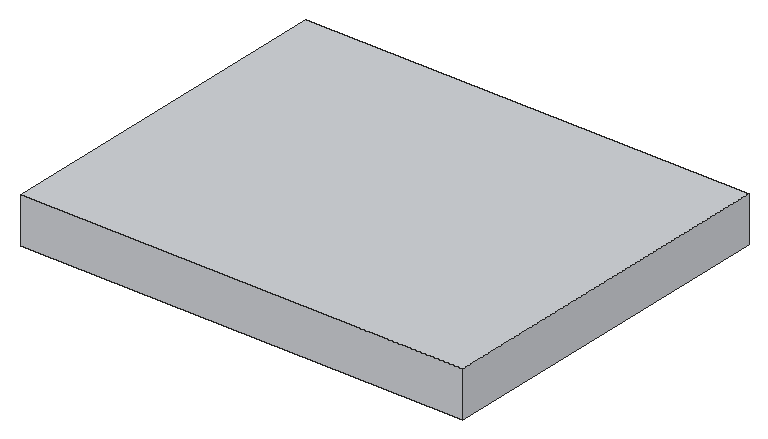
Revit family "M_Comutador Ethernet", category Equipamento elétrico, Revit 2019
Family settings
  Cota do conector redondo = Utilizar diâmetro
  Tipo de parte = Outros painéis
  Número OmniClass = 23.85.50.17.11.17
  Título OmniClass = Network Routers
  ID de item do Seek = Ethernet Switch-0000-CAN-ENU
  Com base no plano de trabalho = Não
  Sempre na vertical = Sim
  Corte com vazios quando carregada = Não
  Compartilhado = Não
  Ponto de cálculo do ambiente = Não
Parameters (values of type "Padrão")
  Largura = 432.1 mm
  Altura = 44.9 mm
  Linear = 349 mm
  built-in parameter 1140087 [instance] = 1
Reference planes
  plane 1 "Centro (Frente/Trás)": y = 0
  plane 2: z = 0
  plane 3 "Centro (Esquerda/Direita)": x = 0
  plane 4: z = 44.9
Forms (mm)
  Extrusion 1, solid
    sketch origin (0, 0, 0) x (1, 0, 0) y (0, 1, 0)
      loop
        line (-216.05, 174.5) -> (-216.05, -174.5) -> (216.05, -174.5) -> (216.05, 174.5) -> (-216.05, 174.5)
    from 0 to 44.9
Dimensions and locks
  "Linear": Extrusion 1 sketch curve to Extrusion 1 sketch curve
  "Largura": Extrusion 1 sketch curve to Extrusion 1 sketch curve
  equal spacing: Extrusion 1 sketch curve, plane 3 "Centro (Esquerda/Direita)", Extrusion 1 sketch curve
  equal spacing: Extrusion 1 sketch curve, plane 1 "Centro (Frente/Trás)", Extrusion 1 sketch curve
  "Altura": plane 4 to plane 2
  aligned and locked: plane 4 to Extrusion 1
  aligned and locked: Extrusion 1 to plane 2
Connectors
  electrical at (0, 174.5, 22.45)
    settings: on Extrusion 1, index 1, voltage 0 V, apparent load 0 VA, apparent load phase1 0 VA, apparent load phase2 0 VA, apparent load phase3 0 VA, power factor 1, load classification "Outros", number of poles 1, system type 5, power factor state 1, is connector primary yes, connector utility no, sub classification motor no, connector description ""
